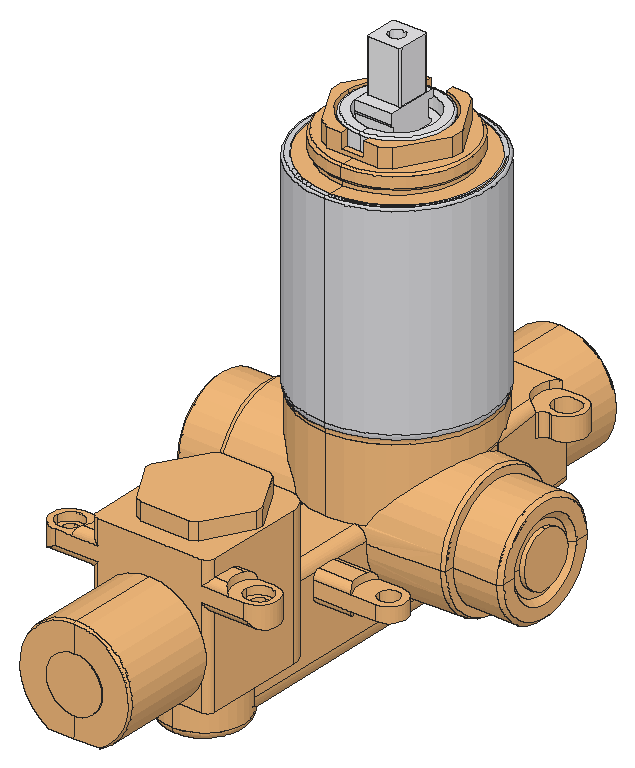
Revit family "Shower-Valve-KOHLER-Aqua_Turbo-K-880IN", category Plumbing Fixtures, host Face, Revit 2017 (continued)
Definition of nested family "K-880IN"
  Lines and regions (in)
    symbolic lines, detail levels medium+fine
      curve 132: arc (0.88139, -0.40048, 0) -> (0.89656, -0.43712, 0) -> (0.93321, -0.4523, 0) r 0.05182
      curve 133: arc (0.83632, -0.5323, 0) -> (0.86075, -0.46704, 0) -> (0.88139, -0.40048, 0) r 1.21119
      curve 134: line (1.00394, -0.4523, 0) -> (1.00394, -0.68852, 0)
      curve 135: line (-0.94489, -0.75449, 0) -> (-0.88019, -0.75449, 0)
      curve 136: arc (-0.82677, -0.76726, 0) -> (-0.89496, -0.74559, 0) -> (-0.93813, -0.68852, 0) r 0.11811
      curve 137: line (-0.82677, -0.76726, 0) -> (0.82677, -0.76726, 0)
      curve 138: arc (0.93813, -0.68852, 0) -> (0.89496, -0.74559, 0) -> (0.82677, -0.76726, 0) r 0.11811
      curve 139: arc (-0.82677, -0.76726, 0) -> (-0.84456, -0.72319, 0) -> (-0.87707, -0.68852, 0) r 0.12927
      curve 140: arc (0.82677, -0.76726, 0) -> (0.84456, -0.72319, 0) -> (0.87707, -0.68852, 0) r 0.12927
      curve 141: line (0.94489, -0.75449, 0) -> (0.88019, -0.75449, 0)
      curve 142: line (1.69288, 0.59056, 0) -> (1.69288, -0.59056, 0)
      curve 143: line (0, 0.59055, 6.461) -> (0, -0.59055, 6.461)
      curve 144: line (0, -0.63166, 5.55118) -> (0, 0.63166, 5.55118)
      curve 145: line (0, -0.4523, 5.0335) -> (0, -0.4523, 5.49213)
      curve 146: line (0, -0.68852, 5.0335) -> (0, -0.68852, 5.49213)
      curve 147: line (0, -0.68852, 5.0335) -> (0, -0.4523, 5.0335)
      curve 148: spline (0, -0.75872, 5.04698) -> (0, -0.75553, 5.04494) -> (0, -0.75172, 5.04305) -> (0, -0.74732, 5.04133) -> (0, -0.74237, 5.0398) -> (0, -0.7369, 5.03845) -> (0, -0.73097, 5.03731) -> (0, -0.72462, 5.03639) -> (0, -0.71791, 5.03569) -> (0, -0.71088, 5.03521) -> (0, -0.70359, 5.03497) -> (0, -0.69612, 5.03496) -> (0, -0.68851, 5.03518)
      curve 149: line (0, -0.76726, 5.49213) -> (0, -0.76726, 5.07682)
      curve 150: line (0, -0.63166, 5.49213) -> (0, 0.28331, 5.49213)
      curve 151: line (0, 0.21699, 5.49213) -> (0, 0.21699, 4.76634)
      curve 152: line (0, 0.27021, 5.49213) -> (0, 0.27021, 4.74584)
      curve 153: line (0, -0.4523, 5.09843) -> (0, -0.68852, 5.09843)
      curve 154: line (0, -3.75939, 4.4941) -> (0, -3.75939, 4.11417)
      curve 155: line (0, -4.31057, 4.44852) -> (0, -3.75939, 4.44852)
      curve 156: line (0, -4.31057, 4.13386) -> (0, -3.75939, 4.13386)
      curve 157: line (0, -3.59403, 4.45669) -> (0, -3.59403, 3.99606)
      curve 158: line (0, -3.39718, 4.23043) -> (0, -3.59403, 4.23043)
      curve 159: line (0, -3.39718, 4.35225) -> (0, -3.59403, 4.35225)
      curve 160: line (0, -3.39718, 4.82098) -> (0, -3.59403, 4.82098)
      curve 161: line (0, -3.39718, 3.7617) -> (0, -3.59403, 3.7617)
      curve 162: line (0, -3.37521, 3.54327) -> (0, -3.37521, 5.03941)
      curve 163: line (0, -3.25943, 3.54327) -> (0, -3.25943, 5.03941)
      curve 164: line (0, -3.22986, 3.57284) -> (0, -3.22986, 5.00984)
      curve 165: line (0, -3.18852, 5.23331) -> (0, -3.18852, 3.34937)
      curve 166: line (0, -3.39718, 5.01744) -> (0, -3.39718, 3.56524)
      curve 167: line (0, -0.98258, 3.33666) -> (0, -0.98258, 5.24601)
      curve 168: line (0, -3.16526, 5.25591) -> (0, -3.16526, 3.32677)
      curve 169: line (0, -1.0415, 5.25591) -> (0, -1.0415, 3.32677)
      curve 170: line (0, -0.9412, 5.23591) -> (0, -0.9412, 3.34677)
      curve 171: arc (0, 0, 4.45374) -> (0, -0.35925, 4.09449) -> (0, 0, 3.73524) r 0.35925
      curve 172: arc (0, 0, 4.5128) -> (0, -0.41831, 4.09449) -> (0, 0, 3.67618) r 0.41831
      curve 173: arc (0, 0, 4.64564) -> (0, -0.55116, 4.09449) -> (0, 0, 3.54333) r 0.55116
      curve 174: arc (0, 0, 3.50393) -> (0, -0.59056, 4.09449) -> (0, 0, 4.68505) r 0.59056
      curve 175: arc (0, 0, 4.76894) -> (0, -0.67445, 4.09449) -> (0, 0, 3.42004) r 0.67445
      curve 176: line (0, -0.13734, 3.34645) -> (0, -0.13734, 3.43417)
      curve 177: arc (0, -0.13734, 3.39205) -> (0, -0.69787, 4.15934) -> (0, 0, 4.80425) r 0.71415
      curve 178: arc (0, 0, 4.45374) -> (0, 0.35925, 4.09449) -> (0, 0, 3.73524) r 0.35925
      curve 179: arc (0, 0, 4.5128) -> (0, 0.41831, 4.09449) -> (0, 0, 3.67618) r 0.41831
      curve 180: arc (0, 0, 4.64564) -> (0, 0.55116, 4.09449) -> (0, 0, 3.54333) r 0.55116
      curve 181: arc (0, 0, 3.50393) -> (0, 0.59056, 4.09449) -> (0, 0, 4.68505) r 0.59056
      curve 182: arc (0, 0, 4.76894) -> (0, 0.67445, 4.09449) -> (0, 0, 3.42004) r 0.67445
      curve 183: arc (0, -0.0199, 3.37609) -> (0, 0.70115, 4.08026) -> (0, 0, 4.80425) r 0.71415
      curve 184: line (0, -0.0199, 3.42033) -> (0, -0.0199, 3.00323)
      curve 185: line (0, -0.13734, 2.36221) -> (0, 0.51227, 2.36221)
      curve 186: line (0, 0.51227, 2.36221) -> (0, 0.51227, 1.00394)
      curve 187: line (0, 0.51227, 1.00394) -> (0, -0.94443, 1.00394)
      curve 188: line (0, -0.76828, 1.31737) -> (0, -0.76828, 1.0825)
      curve 189: line (0, -0.68852, 1.00394) -> (0, -0.68852, 1.39764)
      curve 190: arc (0, -0.76828, 1.31737) -> (0, -0.74495, 1.37395) -> (0, -0.68852, 1.39764) r 0.08027
      curve 191: arc (0, -0.68972, 1.00394) -> (0, -0.74527, 1.02695) -> (0, -0.76828, 1.0825) r 0.07856
      curve 192: line (0, -0.53192, 1.39764) -> (0, -0.68852, 1.39764)
      curve 193: spline (0, -0.53206, 1.39664) -> (0, -0.5231, 1.39716) -> (0, -0.51439, 1.39635) -> (0, -0.50599, 1.39423) -> (0, -0.49794, 1.39081) -> (0, -0.49031, 1.3861) -> (0, -0.48314, 1.38015) -> (0, -0.47649, 1.37298) -> (0, -0.47039, 1.36466) -> (0, -0.46488, 1.35522) -> (0, -0.46001, 1.34474) -> (0, -0.45581, 1.33328) -> (0, -0.4523, 1.32093)
      curve 194: line (0, -0.4523, 1.08268) -> (0, -0.4523, 1.32093)
      curve 195: arc (0, -0.4523, 1.08268) -> (0, -0.47536, 1.027) -> (0, -0.53104, 1.00394) r 0.07874
      curve 196: line (0, -0.94443, 2.36221) -> (0, -0.94443, 1.00394)
      curve 197: line (0, -0.94443, 2.22346) -> (0, -1.12159, 2.22346)
      curve 198: line (0, -0.94443, 1.24111) -> (0, -1.12159, 1.24111)
      curve 199: line (0, -0.94443, 1.69393) -> (0, -1.12159, 1.69393)
      curve 200: line (0, -0.94443, 1.77063) -> (0, -1.12159, 1.77063)
      curve 201: line (0, -0.03891, 2.95143) -> (0, -0.03891, 2.75591)
      curve 202: arc (0, 0.03983, 2.67717) -> (0, -0.01585, 2.70023) -> (0, -0.03891, 2.75591) r 0.07875
      curve 203: line (0, 0.03983, 2.67717) -> (0, 0.19922, 2.67717)
      curve 204: arc (0, 0.27605, 2.75399) -> (0, 0.25355, 2.69967) -> (0, 0.19922, 2.67717) r 0.07682
      curve 205: line (0, 0.27605, 2.75399) -> (0, 0.27605, 2.95419)
      curve 206: arc (0, 0.19874, 3.0315) -> (0, 0.2534, 3.00885) -> (0, 0.27605, 2.95419) r 0.07731
      curve 207: line (0, 0.19874, 3.0315) -> (0, 0.04115, 3.0315)
      curve 208: arc (0, -0.03891, 2.95143) -> (0, -0.01546, 3.00805) -> (0, 0.04115, 3.0315) r 0.08006
      curve 209: line (0, 0.03983, 2.67717) -> (0, 0.03983, 3.0315)
      curve 210: line (0, 0.20006, 3.0315) -> (0, 0.20006, 2.67717)
      curve 211: line (0, -0.0199, 2.7046) -> (0, -0.0199, 2.36221)
      curve 212: line (0, -0.59009, 0.03939) -> (0, 0.51219, 0.03939)
      curve 213: line (0, -0.75872, 5.04698) -> (0, -0.76726, 5.07682)
      curve 214: line (-0.59055, 0, 6.461) -> (0.59055, 0, 6.461)
      curve 215: arc (0.08162, 0, 4.29183) -> (-0.00106, 0, 4.3745) -> (-0.08373, 0, 4.29183) r 0.08268
      curve 216: arc (-0.08373, 0, 4.29183) -> (-0.00106, 0, 4.20915) -> (0.08162, 0, 4.29183) r 0.08268
      curve 217: line (0.17717, 0, 4.13386) -> (0.17717, 0, 4.44882)
      curve 218: line (-0.15748, 0, 4.11417) -> (0.15748, 0, 4.11417)
      curve 219: line (0.15748, 0, 4.4685) -> (-0.15718, 0, 4.4685)
      curve 220: line (-0.17717, 0, 4.44852) -> (-0.17717, 0, 4.13386)
      curve 221: arc (-0.17717, 0, 4.13386) -> (-0.1714, 0, 4.11994) -> (-0.15748, 0, 4.11417) r 0.01969
      curve 222: arc (0.15748, 0, 4.11417) -> (0.1714, 0, 4.11994) -> (0.17717, 0, 4.13386) r 0.01969
      curve 223: arc (0.17717, 0, 4.44882) -> (0.1714, 0, 4.46274) -> (0.15748, 0, 4.4685) r 0.01969
      curve 224: arc (-0.15718, 0, 4.4685) -> (-0.17131, 0, 4.46265) -> (-0.17717, 0, 4.44852) r 0.01999
      curve 225: line (0.19685, 0, 4.51969) -> (-0.19685, 0, 4.51969)
      curve 226: line (-0.19685, 0, 4.51969) -> (-0.19685, 0, 3.97244)
      curve 227: line (-0.19685, 0, 3.97244) -> (0.19685, 0, 3.97244)
      curve 228: line (0.19685, 0, 3.97244) -> (0.19685, 0, 4.51969)
      curve 229: arc (0, 0, 3.90322) -> (0.38812, 0, 4.29134) -> (0, 0, 4.67946) r 0.38812
      curve 230: arc (0, 0, 4.67946) -> (-0.38812, 0, 4.29134) -> (0, 0, 3.90322) r 0.38812
      curve 231: arc (0, 0, 3.79007) -> (0.50127, 0, 4.29134) -> (0, 0, 4.79261) r 0.50127
      curve 232: arc (0, 0, 4.79261) -> (-0.50127, 0, 4.29134) -> (0, 0, 3.79007) r 0.50127
      curve 233: arc (0.52877, 0, 4.29134) -> (0, 0, 3.76257) -> (-0.52877, 0, 4.29134) r 0.52877
      curve 234: arc (-0.52877, 0, 4.29134) -> (0, 0, 4.82011) -> (0.52877, 0, 4.29134) r 0.52877
      curve 235: line (0.11811, 0, 3.70079) -> (0.11811, 0, 3.77593)
      curve 236: line (-0.11811, 0, 3.77593) -> (-0.11811, 0, 3.70079)
      curve 237: line (-0.27062, 0, 3.70079) -> (0.27062, 0, 3.70079)
      curve 238: arc (-0.37612, 0, 3.7617) -> (-0.32479, 0, 3.72878) -> (-0.27062, 0, 3.70079) r 0.65421
      curve 239: line (-0.64674, 0, 4.23043) -> (-0.37612, 0, 3.7617)
      curve 240: line (-0.37612, 0, 4.82098) -> (-0.64674, 0, 4.35225)
      curve 241: arc (-0.64674, 0, 4.35225) -> (-0.64964, 0, 4.29134) -> (-0.64674, 0, 4.23043) r 0.64125
      curve 242: arc (0.27062, 0, 3.70079) -> (0.32479, 0, 3.72878) -> (0.37612, 0, 3.7617) r 0.65421
      curve 243: line (0.37612, 0, 3.7617) -> (0.64674, 0, 4.23043)
      curve 244: arc (0.64674, 0, 4.23043) -> (0.64964, 0, 4.29134) -> (0.64674, 0, 4.35225) r 0.64125
      curve 245: line (0.64674, 0, 4.35225) -> (0.37612, 0, 4.82098)
      curve 246: arc (0.37612, 0, 4.82098) -> (0.3248, 0, 4.85392) -> (0.27062, 0, 4.88189) r 0.64924
      curve 247: line (0.27062, 0, 4.88189) -> (-0.27062, 0, 4.88189)
      curve 248: arc (-0.27062, 0, 4.88189) -> (-0.3248, 0, 4.85392) -> (-0.37612, 0, 4.82098) r 0.64924
      curve 249: line (-0.11811, 0, 4.88189) -> (-0.11811, 0, 4.80675)
      curve 250: line (0.11811, 0, 4.80675) -> (0.11811, 0, 4.88189)
      curve 251: arc (0, 0, 5.01744) -> (0.7261, 0, 4.29134) -> (0, 0, 3.56524) r 0.7261
      curve 252: arc (0, 0, 3.56524) -> (-0.7261, 0, 4.29134) -> (0, 0, 5.01744) r 0.7261
      curve 253: arc (0, 0, 3.54327) -> (0.74807, 0, 4.29134) -> (0, 0, 5.03941) r 0.74807
      curve 254: arc (0, 0, 5.03941) -> (-0.74807, 0, 4.29134) -> (0, 0, 3.54327) r 0.74807
      curve 255: arc (0, 0, 3.34645) -> (0.94489, 0, 4.29134) -> (0, 0, 5.23623) r 0.94489
      curve 256: arc (0, 0, 5.23623) -> (-0.94489, 0, 4.29134) -> (0, 0, 3.34645) r 0.94489
      curve 257: line (-0.59009, 0, 0.03936) -> (0.59009, 0, 0.03936)
    symbolic lines, detail levels coarse
      curve 258: line (-0.8129, 0.43169, 0) -> (0.7619, 0.43169, 0)
      curve 259: arc (0.7619, 0.43169, 0) -> (-0.0255, 0.79269, 0) -> (-0.8129, 0.43169, 0) r 1.03922
      curve 260: line (0, 0.43169, 0) -> (0, 0, 0)
      curve 261: line (0, 0, 0) -> (-0.42321, 0.21564, 0)
      curve 262: line (-0.42321, 0.21564, 0) -> (-0.42321, -0.21564, 0)
      curve 263: line (0, 0, 0) -> (-0.42321, -0.21564, 0)
      curve 264: line (0, 0, 0) -> (0.42321, 0.21564, 0)
      curve 265: line (0.42321, 0.21564, 0) -> (0.42321, -0.21564, 0)
      curve 266: line (0, 0, 0) -> (0.42321, -0.21564, 0)
  Dimensions and locks (in)
    plane 6 to plane 5 = 3.46457"
    plane 1 "Center (Front/Back)" to plane 7 = 1.02362"
    cut or joined group 1 (Extrusion 30, Extrusion 35, Extrusion 44, Extrusion 45, Extrusion 46, Extrusion 47, Revolve 48, Revolve 49, Extrusion 50) to plane 11 = 3.18898"
    aligned and locked: plane 2 to level
    aligned and locked: plane 13 to cut or joined group 1
Types (6): name | Type | Product Page URL | Model | Finish | Default Elevation
  (no name) | 1 | "https://www.kohler.co.in/product-detail/880in?skuid=K-880IN-CP" | "K-880IN-CP" | Kohler-Metal-CP-Polished_Chrome | 42"
  CP- Polished Chrome | 1 | "https://www.kohler.co.in/product-detail/880in?skuid=K-880IN-CP" | "K-880IN-CP" | Kohler-Metal-CP-Polished_Chrome | 42"
  RGD-Rose Gold | 2 | "https://www.kohler.co.in/product-detail/880in?skuid=K-880IN-RGD" | "K-880IN-RGD" | Kohler-Metal-RGD-Rose_Gold | 48 1/32"
  BN-Brushed Nickel | 3 | "https://www.kohler.co.in/product-detail/880in?skuid=K-880IN-BN" | "K-880IN-BN" | Kohler-Metal-BN-Vibrant_Brushed_Nickel | 48 1/32"
  BV-Brushed Bronze | 4 | "https://www.kohler.co.in/product-detail/880in?skuid=K-880IN-BV" | "K-880IN-BV" | Kohler-Metal-BV-Brushed_Bronze | 48 1/32"
  AF-French Gold | 5 | "https://www.kohler.co.in/product-detail/880in?skuid=K-880IN-AF" | "K-880IN-AF" | Kohler-Metal-AF-Vibrant_French_Gold | 48 1/32"
